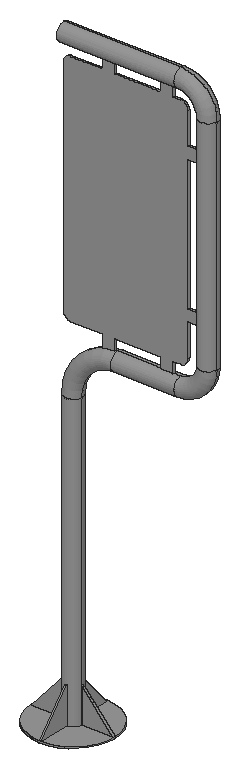
Revit family "11101 Конечная точка «Яуза» А 3_0 Хоббика", category Антураж, Revit 2018
Family settings
  На основе рабочей плоскости = Нет
  Всегда вертикально = Да
  При загрузке вырезать с полостями = Нет
  Источник визуального образа = Геометрия семейства
  Общий = Нет
  Точка расчета площади = Нет
Parameters (values of type "Конечная точка «Яуза» А 3.0")
  Ширина = 60 mm  # constant formula
  Цвет щита = Информационный щит
  Цвет каркаса = Сталь
  Описание = "Конечная точка «Яуза» А 3.0"  # constant formula
  Материал изделия = "Сталь"  # constant formula
  Изображение типоразмера = Конечная точка «Яуза» А 3.0 Арт 11101.jpg
  Изготовитель = "ООО «Хоббика»"  # constant formula
  Длина = 510 mm  # constant formula
  Группа модели = "Стенды и указатели"  # constant formula
  Высота = 2080 mm  # constant formula
  Артикул товара = "Арт. 11101"  # constant formula
  URL = "https://hobbyka.ru/product/ukazatel_yauza_30_"
Reference planes
  plane 1 "По центру (Вперед/Назад)": y = 0
  plane 2: z = 0
  plane 3 "По центру (Влево/Вправо)": x = 0
  plane 4: y = 60
  plane 5: x = 510
  plane 6: z = 2080
Forms (mm)
  Sweep 1, solid, material "Сталь" <- "Цвет каркаса"
    path origin (0, 0, 0) x (1, 0, 0) y (0, 0, 1)
      loop
        line (0, 2080) -> (390, 2080)
        arc (390, 2080) -> (474.853, 2044.853) -> (510, 1960) r 120
        line (510, 1960) -> (510, 1220)
        arc (510, 1220) -> (474.853, 1135.147) -> (390, 1100) r 120
        line (390, 1100) -> (180, 1100)
        arc (180, 1100) -> (95.147, 1064.853) -> (60, 980) r 120
        line (60, 980) -> (60, 0)
    profile origin (195, 0, 2080) x (0, 0, 1) y (0, -1, 0)
      loop
        circle (-30, -30) r 30
  Extrusion 2, solid, material "Сталь" <- "Цвет каркаса"
    sketch origin (-8, 76, 0) x (0, -1, 0) y (0, 0, 1)
      loop
        line (31, 0) -> (31, 142.256) -> (-92.661, 0) -> (31, 0)
      loop
        line (61, 0) -> (184.661, 0) -> (61, 142.256) -> (61, 0)
    from -40.5 to -35.5
  Extrusion 3, solid, material "Информационный щит" <- "Цвет щита"
    sketch origin (0, 0, 20) x (1, 0, 0) y (0, 0, 1)
      loop
        arc (25, 1965) -> (7.322, 1957.678) -> (0, 1940) r 25
        line (0, 1940) -> (0, 1200)
        arc (0, 1200) -> (7.322, 1182.322) -> (25, 1175) r 25
        line (25, 1175) -> (130, 1175) -> (130, 1125) -> (170, 1125) -> (170, 1175) -> (325, 1175) -> (325, 1125) -> (365, 1125) -> (365, 1175) -> (390, 1175)
        arc (390, 1175) -> (407.678, 1182.322) -> (415, 1200) r 25
        line (415, 1200) -> (415, 1310) -> (465, 1310) -> (465, 1350) -> (415, 1350) -> (415, 1795) -> (465, 1795) -> (465, 1835) -> (415, 1835) -> (415, 1940)
        arc (415, 1940) -> (407.678, 1957.678) -> (390, 1965) r 25
        line (390, 1965) -> (365, 1965) -> (365, 2015) -> (325, 2015) -> (325, 1965) -> (170, 1965) -> (170, 2015) -> (130, 2015) -> (130, 1965) -> (25, 1965)
    from -32.5 to -27.5
  Extrusion 4, solid, material "Сталь" <- "Цвет каркаса"
    sketch origin (-16, -8, 0) x (1, 0, 0) y (0, 0, 1)
      loop
        line (31, 0) -> (31, 142.256) -> (-92.661, 0) -> (31, 0)
      loop
        line (61, 0) -> (184.661, 0) -> (61, 142.256) -> (61, 0)
    from -40.5 to -35.5
  Extrusion 5, solid, material "Сталь" <- "Цвет каркаса"
    sketch origin (0, 0, 0) x (1, 0, 0) y (0, 1, 0)
      loop
        circle (30, 30) r 138.661
    from 0 to 5
Cuts and joins
  joined: Sweep 1, Extrusion 2
Dimensions and locks
  "Длина": plane 3 "По центру (Влево/Вправо)" to plane 5
  "Ширина": plane 4 to plane 1 "По центру (Вперед/Назад)"
  "Высота": plane 6 to plane 2
  aligned and locked: level to plane 2
Automatic sketch dimensions
  Sweep 1 sketch curve to plane 1 "По центру (Вперед/Назад)" = 30 mm
  profile plane to Sweep 1 sketch curve = 30 mm
  Extrusion 2 sketch curve to level = 0 mm  (x2)
  Extrusion 2 sketch curve to plane 4 = 15 mm
  Extrusion 2 sketch curve to plane 1 "По центру (Вперед/Назад)" = 15 mm
  plane 4 to Extrusion 2 sketch curve = 108.661 mm
  plane 1 "По центру (Вперед/Назад)" to Extrusion 2 sketch curve = 108.661 mm
  level to Extrusion 2 sketch curve = 142.256 mm
  Extrusion 2 sketch curve to Extrusion 2 sketch curve = 0 mm
  Extrusion 3 sketch curve to plane 3 "По центру (Влево/Вправо)" = 0 mm
  plane 3 "По центру (Влево/Вправо)" to Extrusion 3 sketch curve = 25 mm  (x2)
  Extrusion 3 sketch curve to plane 6 = 45 mm  (x2)
  Extrusion 3 sketch curve to Extrusion 3 sketch curve = 105 mm  (x3)
  Extrusion 3 sketch curve to Extrusion 3 sketch curve = 40 mm  (x6)
  Extrusion 3 sketch curve to plane 5 = 185 mm  (x2)
  Extrusion 3 sketch curve to Extrusion 3 sketch curve = 25 mm  (x4)
  Extrusion 3 sketch curve to plane 6 = 95 mm
  Extrusion 3 sketch curve to Extrusion 3 sketch curve = 445 mm
  Extrusion 3 sketch curve to Extrusion 3 sketch curve = 110 mm
  Extrusion 3 sketch curve to Extrusion 3 sketch curve = 50 mm  (x6)
  Extrusion 3 sketch curve to Extrusion 3 sketch curve = 0 mm
  Extrusion 3 sketch curve to Extrusion 3 sketch curve = 130 mm
  Extrusion 3 sketch curve to Extrusion 3 sketch curve = 180 mm
  Sweep 1 sketch curve to plane 3 "По центру (Влево/Вправо)" = 0 mm
  Sweep 1 sketch curve to level = 0 mm
  Sweep 1 sketch curve to plane 6 = 0 mm
  Sweep 1 sketch curve to plane 5 = 0 mm
  Sweep 1 sketch curve to plane 5 = 120 mm  (x2)
  Sweep 1 sketch curve to Sweep 1 sketch curve = 980 mm
  plane 3 "По центру (Влево/Вправо)" to Sweep 1 sketch curve = 60 mm
  Sweep 1 sketch curve to Sweep 1 sketch curve = 120 mm
  Extrusion 4 sketch curve to level = 0 mm  (x2)
  Extrusion 4 sketch curve to plane 3 "По центру (Влево/Вправо)" = 108.661 mm
  plane 3 "По центру (Влево/Вправо)" to Extrusion 4 sketch curve = 15 mm
  Extrusion 4 sketch curve to Extrusion 4 sketch curve = 30 mm
  Extrusion 4 sketch curve to Extrusion 4 sketch curve = 123.661 mm
  level to Extrusion 4 sketch curve = 142.256 mm
  Extrusion 4 sketch curve to Extrusion 4 sketch curve = 0 mm
  plane 3 "По центру (Влево/Вправо)" to Extrusion 5 sketch curve = 30 mm
  Extrusion 5 sketch curve to plane 1 "По центру (Вперед/Назад)" = 30 mm
  radius of Sweep 1 sketch curve = 30 mm
  radius of Extrusion 5 sketch curve = 138.661 mm
